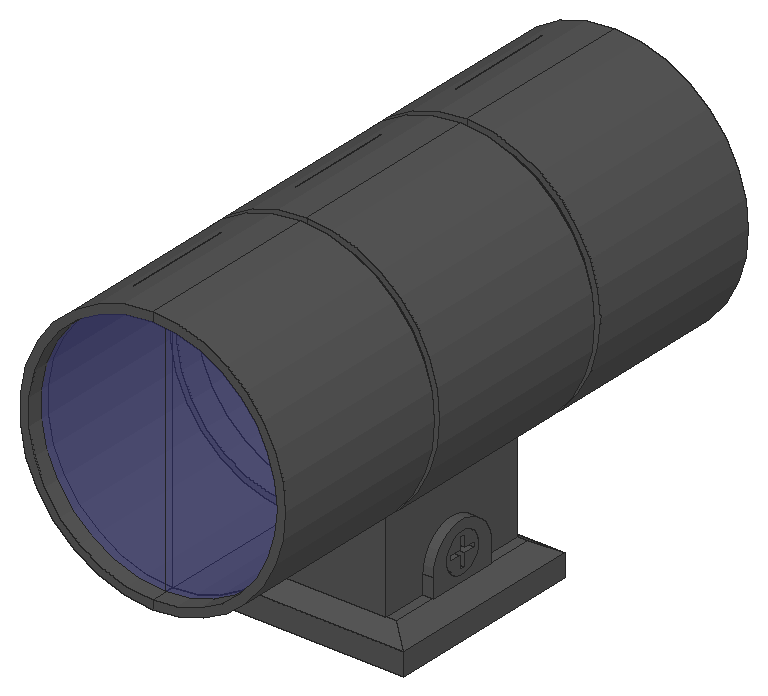
Revit family "CARLO CYLINDER LIGHT WALL MOUNT", category Lighting Fixtures, host Face, Revit 2020 (continued)
Types (10): name | Wattage_Input | Wattage Comments | Wattage | Photometric Web File | built-in parameter 1150142 | Model | built-in parameter 1150105 | Lumens | Light Length 1 | LIGHT RADIUS | LIGHT PLACEMENT | LIGHT LENGTH | LIGHT DIA | built-in parameter 1150106 | FIXED END HEIGHT | Curve base Height | Base Curve | BEAMING ANGLE | Apparent Load
    652 92.379 119.36 144.71 \r\n 171.33 201.18 232.17 262.85 293.2 322.86 351.35 378.66 403.03 422.7 \r\n 437.71 446.61 452.12 456.22 459.71 464.65 469.32 472.29 474.81 477.73 \r\n 480.8 484 487.39 491 494.93 499.22 504.07 509.62 516.14 523.88 \r\n 533.12 544.04 557.17 572.86 591.73 614.18 641.12 673.95 711.6 753.57 \r\n 799.45 848.81 901.18 956.26 1013.2 1071.1 1129.7 1188.7 1247.3 1304.8 \r\n 1361.1 1415.7 1469.6 1524.1 1577.9 1629.5 1680.3 1731.4 1781.8 1830.9 \r\n 1879.1 1926.7 1973.8 2021.2 2068 2113.8 2157.6 2197.9 2235.3 2269.9 \r\n 2301.5 2329.8 2354.4 2375.3 2392.3 2405 2414.1 2420.2 2423.7 2424.9 \r\n 2425.1 2426 2426.5 2425.9 2424.8 2423.4 2422.2 2421.7 2421.2 2419.8 \r\n 2421.2 \r\n2410.7 2418 2417.3 2416.7 2416 2414.9 2413.4 2411.1 2408.3 2405.7 \r\n 2402.5 2398.4 2392.1 2381.8 2368 2350.2 2328.8 2303.8 2275.1 2242.5 \r\n 2206.7 2168.3 2127 2081.8 2034.7 1986.7 1938.8 1893 1847.2 1799.7 \r\n 1751.2 1702.1 1652.3 1601.9 1550.5 1497.6 1443.6 1388.9 1332.8 1275 \r\n 1216.1 1156.2 1096.6 1038.8 982.23 926.33 872.65 822.87 776.02 731.14 \r\n 689.9 653.65 622.3 596.69 575.42 557.47 542.55 530.21 519.95 511.08 \r\n 503.65 497.68 492.66 488.08 483.98 480.3 476.87 473.49 470.2 466.99 \r\n 463.78 460.59 457.1 452.8 448.25 444.18 439.6 434.8 426.62 411.15 \r\n 390.94 367.03 339.96 310.13 279 248.42 217.64 186.02 155.1 126.07 \r\n 99.311 75.083 54.996 41.26 32.335 28.306 26.512 23.894 21.728 20.411 \r\n 19.518 18.773 18.125 17.405 16.692 16.015 15.359 14.723 14.101 13.483 \r\n 12.888 12.335 11.817 11.337 10.879 10.426 9.9813 9.5454 9.1135 8.6751 \r\n 8.2477 7.8553 7.4679 7.0493 6.6418 6.2884 5.9512 5.5997 5.2548 4.933 \r\n 4.617 4.2862 3.9657 3.6793 3.4106 3.1504 2.9012 2.662 2.434 2.2154 \r\n 2.0127 1.8332 1.6718 1.5238 1.3956 1.2952 1.2135 1.1397 1.0866 1.0631 \r\n 1.0699 1.1159 1.1855 1.267 1.3578 1.4569 1.5477 1.6117 1.6544 1.6803 \r\n 1.674 1.6078 1.5233 1.4701 1.3973 1.2493 1.0904 0.98149 0.87716 0.74543 \r\n 0.60666 0.46583 0.33715 0.24352 0.16372 0.073701 0.00477 0 0.000073 0 \r\n 0.00054291 0.028481 0.074882 0.14285 0.22313 0.30346 0.39597 0.51236 0.64172 0.77857 \r\n 0.91823 1.0553 1.1864 1.311 1.4156 1.4807 1.5235 1.5613 1.5753 1.547 \r\n 1.4936 1.4286 1.3522 1.2609 1.1799 1.1379 1.1214 1.1257 1.1533 1.2088 \r\n 1.2807 1.3542 1.4437 1.5626 1.6994 1.8438 2.0049 2.1903 2.3936 2.6108 \r\n 2.8419 3.0861 3.3419 3.6072 3.8828 4.1663 4.4644 4.7878 5.1225 5.4523 \r\n 5.795 6.1712 6.5566 6.9236 7.3025 7.7263 8.1588 8.5618 8.9742 9.4339 \r\n 9.9061 10.358 10.822 11.331 11.848 12.327 12.822 13.379 13.966 14.562 \r\n 15.169 15.768 16.404 17.112 17.903 18.835 19.808 20.564 21.644 23.485 \r\n 26.141 29.989 34.496 38.189 44.253 55.308 71.587 95.83 123.14 148.5 \r\n 175 204.81 235.75 266.43 296.67 325.94 353.94 380.79 404.71 423.94 \r\n 438.53 447.03 452.25 456.29 459.81 464.72 469.37 472.38 474.94 477.9 \r\n 480.99 484.21 487.62 491.25 495.2 499.53 504.45 510.09 516.75 524.66 \r\n 534.1 545.22 558.58 574.54 593.77 616.79 644.35 677.74 715.87 758.17 \r\n 804.3 853.93 906.51 961.63 1018.5 1076.5 1135.1 1194.1 1252.8 1310.2 \r\n 1366.4 1421 1475 1529.6 1583.4 1635.1 1686 1737.3 1787.8 1836.8 \r\n 1884.9 1932 1978.6 2025.6 2071.9 2117.4 2160.8 2200.8 2238 2272.4 \r\n 2303.7 2331.6 2355.9 2376.6 2393.3 2405.7 2414.5 2420.2 2423.5 2424.5 \r\n 2424.7 2425.5 2426 2425.4 2424.3 2423 2421.8 2421.4 2421 2419.7 \r\n 2421.2 \r\n2410.7 2418.1 2417.3 2416.7 2416.1 2415 2413.4 2411.2 2408.5 2405.8 \r\n 2402.5 2398.7 2392.7 2382.9 2369.5 2352.2 2331.2 2306.7 2278.4 2246.2 \r\n 2210.7 2172.7 2131.7 2087.1 2040.4 1992.5 1944.4 1898.5 1852.5 1805 \r\n 1756.6 1707.5 1657.7 1607.6 1556.5 1504 1450.2 1395.7 1339.9 1282.5 \r\n 1223.9 1164.1 1104.6 1046.6 989.79 933.71 879.78 829.53 782.17 736.87 \r\n 695.16 658.27 626.22 599.92 578.04 559.69 544.45 531.77 521.2 512.15 \r\n 504.59 498.44 493.27 488.61 484.46 480.73 477.25 473.81 470.47 467.25 \r\n 464.05 460.86 457.4 453.22 448.78 444.67 440.12 435.65 427.92 412.96 \r\n 393.2 369.48 342.6 313.24 282.53 252.02 221.17 189.41 158.47 130.05 \r\n 103.66 78.482 57.142 42.556 33.015 28.746 26.868 24.125 21.861 20.476 \r\n 19.542 18.785 18.142 17.435 16.737 16.063 15.409 14.775 14.158 13.545 \r\n 12.955 12.401 11.88 11.401 10.941 10.482 10.031 9.591 9.1577 8.7219 \r\n 8.297 7.9023 7.5116 7.0917 6.683 6.3267 5.9866 5.6334 5.2881 4.9687 \r\n 4.6549 4.3225 4.0012 3.7205 3.4567 3.1925 2.9381 2.6995 2.473 2.2545 \r\n 2.0512 1.8707 1.7084 1.5605 1.4322 1.3298 1.245 1.168 1.1106 1.0813 \r\n 1.0806 1.1157 1.175 1.2502 1.3385 1.4422 1.5378 1.5969 1.6358 1.6689 \r\n 1.6728 1.6157 1.5387 1.4877 1.4159 1.2713 1.1149 1.0048 0.89785 0.76307 \r\n 0.62239 0.48406 0.35809 0.26363 0.18154 0.088795 0.016131 0 0.00023335 0 \r\n 0.00040927 0.029488 0.076001 0.13827 0.21589 0.30949 0.41424 0.52212 0.64322 0.79455 \r\n 0.94739 1.0717 1.1886 1.3199 1.4328 1.4912 1.526 1.5648 1.5805 1.5477 \r\n 1.4896 1.4234 1.3468 1.2542 1.172 1.1295 1.1126 1.1152 1.1416 1.1988 \r\n 1.2732 1.3486 1.4404 1.5619 1.7019 1.8515 2.0172 2.2034 2.4072 2.6283 \r\n 2.8629 3.1056 3.3601 3.6294 3.9092 4.1922 4.4901 4.8192 5.1591 5.4868 \r\n 5.8272 6.208 6.5984 6.9657 7.3434 7.7657 8.1971 8.6011 9.0149 9.4744 \r\n 9.9474 10.405 10.873 11.378 11.891 12.376 12.878 13.442 14.033 14.634 \r\n 15.246 15.846 16.485 17.212 18.017 18.933 19.893 20.656 21.777 23.729 \r\n 26.509 30.429 35.024 38.816 45.157 57.007 74.051 98.387 125.73 151.64 \r\n 178.67 208.54 239.39 270.04 300.16 329.11 356.68 383.03 406.42 425.18 \r\n 439.35 447.45 452.38 456.4 459.97 464.85 469.48 472.51 475.12 478.09 \r\n 481.2 484.43 487.85 491.48 495.45 499.83 504.83 510.6 517.42 525.52 \r\n 535.17 546.55 560.19 576.44 596.08 619.86 648.21 682.18 720.78 763.51 \r\n 810 859.91 912.67 967.76 1024.6 1082.5 1141.2 1200.3 1258.9 1316.2 \r\n 1372.3 1427.1 1481.3 1535.7 1589.3 1641.1 1692.2 1743.8 1794.5 1843.3 \r\n 1890.8 1937.6 1983.9 2030.4 2076.4 2121.6 2164.8 2204.5 2241.3 2275.5 \r\n 2306.6 2334.1 2357.9 2378 2394.3 2406.2 2414.7 2420.2 2423.3 2424.3 \r\n 2424.4 2425.1 2425.5 2424.8 2423.6 2422.5 2421.4 2421 2420.6 2419.5 \r\n 2421.2 \r\n2410.7 2418.1 2417.3 2416.8 2416.1 2415 2413.4 2411.3 2408.7 2405.9 \r\n 2402.6 2398.9 2393.2 2383.9 2371 2354.1 2333.5 2309.4 2281.6 2249.8 \r\n 2214.6 2176.9 2136.3 2092.4 2046.3 1998.4 1950.2 1904 1857.9 1810.4 \r\n 1762.1 1712.9 1663.1 1613.2 1562.5 1510.1 1456.6 1402.3 1346.8 1289.6 \r\n 1231.4 1171.9 1112.4 1054.3 997.25 941.06 886.94 836.23 788.34 742.69 \r\n 700.59 663.07 630.34 603.33 580.82 562.05 546.49 533.45 522.57 513.34 \r\n 505.64 499.3 493.96 489.23 485.04 481.24 477.7 474.21 470.83 467.6 \r\n 464.39 461.2 457.77 453.71 449.38 445.23 440.67 436.44 429.08 414.59 \r\n 395.27 371.74 345.05 316.18 285.91 255.43 224.51 192.66 161.77 134.02 \r\n 108.04 81.984 59.454 44.052 33.898 29.329 27.3 24.425 22.066 20.596 \r\n 19.603 18.823 18.178 17.479 16.792 16.12 15.465 14.838 14.228 13.622 \r\n 13.037 12.483 11.96 11.48 11.018 10.55 10.09 9.6467 9.2117 8.7779 \r\n 8.3549 7.9566 7.5618 7.1418 6.7327 6.3718 6.0271 5.6725 5.3271 5.0084 \r\n 4.6956 4.3629 4.0422 3.7667 3.507 3.2391 2.9802 2.7416 2.5163 2.2983 \r\n 2.0952 1.9133 1.7497 1.6025 1.4744 1.3697 1.2817 1.2014 1.1396 1.1038 \r\n 1.0947 1.1176 1.1653 1.2337 1.3189 1.4254 1.524 1.579 1.615 1.6546 \r\n 1.6685 1.6234 1.5561 1.5057 1.433 1.2939 1.1422 1.03 0.91893 0.78009 \r\n 0.63707 0.50241 0.38034 0.28438 0.19926 0.10477 0.029299 0.0042482 0.00039324 0 \r\n 0.0002566 0.029547 0.075288 0.13189 0.20716 0.31444 0.43152 0.52978 0.64175 0.80859 \r\n 0.97575 1.0867 1.1886 1.3275 1.4497 1.5025 1.5299 1.5701 1.5879 1.5513 \r\n 1.4891 1.4223 1.3455 1.2514 1.1675 1.1237 1.1053 1.1057 1.1306 1.1885 \r\n 1.2646 1.3421 1.4363 1.5603 1.7035 1.8588 2.0295 2.2165 2.4207 2.6459 \r\n 2.8841 3.1253 3.3784 3.6519 3.9362 4.2184 4.5159 4.851 5.1965 5.5214 \r\n 5.8588 6.2442 6.6397 7.0075 7.384 7.8045 8.2346 8.64 9.0556 9.5144 \r\n 9.9873 10.45 10.922 11.422 11.93 12.421 12.931 13.499 14.095 14.701 \r\n 15.316 15.918 16.561 17.304 18.12 19.016 19.956 20.725 21.878 23.92 \r\n 26.791 30.724 35.345 39.19 45.759 58.359 76.104 100.4 127.68 154.2 \r\n 181.86 211.8 242.54 273.18 303.21 331.88 359.06 384.91 407.8 426.13 \r\n 439.93 447.7 452.41 456.43 460.07 464.92 469.53 472.59 475.24 478.24 \r\n 481.35 484.58 488 491.63 495.62 500.04 505.11 511.01 517.98 526.23 \r\n 536.07 547.68 561.6 578.09 598.1 622.62 651.76 686.21 725.21 768.34 \r\n 815.17 865.33 918.19 973.19 1029.9 1087.9 1146.6 1205.6 1264.2 1321.3 \r\n 1377.4 1432.5 1486.8 1541 1594.3 1646.1 1697.4 1749.5 1800.5 1848.8 \r\n 1895.8 1942.3 1988.4 2034.6 2080.2 2125.3 2168.4 2207.8 2244.2 2278.3 \r\n 2309.2 2336.3 2359.7 2379.2 2394.9 2406.5 2414.8 2420.1 2423 2424.1 \r\n 2424.1 2424.7 2424.9 2424.1 2423 2422 2421.1 2420.6 2420.1 2419.1 \r\n 2421.2 \r\n2410.7 2418.2 2417.3 2416.8 2416.2 2415.1 2413.5 2411.4 2408.9 2406.1 \r\n 2402.8 2399.2 2393.8 2384.9 2372.6 2356 2335.8 2312.2 2284.9 2253.5 \r\n 2218.7 2181.3 2141.2 2098 2052.5 2004.7 1956.4 1910 1863.7 1816.2 \r\n 1767.9 1718.7 1668.9 1619.2 1568.7 1516.5 1463.1 1409 1353.7 1296.9 \r\n 1238.9 1179.7 1120.4 1062.1 1004.9 948.62 894.35 843.19 794.78 748.8 \r\n 706.32 668.21 634.78 607.03 583.84 564.63 548.72 535.29 524.09 514.67 \r\n 506.82 500.28 494.76 489.95 485.72 481.85 478.25 474.7 471.29 468.04 \r\n 464.84 461.65 458.24 454.3 450.09 445.88 441.3 437.23 430.15 416.15 \r\n 397.32 374.02 347.55 319.16 289.32 258.88 227.88 196.01 165.22 138.09 \r\n 112.49 85.68 62.083 45.878 35.073 30.12 27.861 24.843 22.393 20.81 \r\n 19.726 18.906 18.246 17.55 16.871 16.195 15.538 14.917 14.315 13.717 \r\n 13.138 12.583 12.057 11.574 11.108 10.632 10.163 9.7144 9.2771 8.8447 \r\n 8.4227 8.02 7.6207 7.2014 6.7927 6.4261 6.0754 5.7197 5.3745 5.0548 \r\n 4.7414 4.4092 4.0901 3.8184 3.5614 3.2902 3.0271 2.788 2.5631 2.3457 \r\n 2.1427 1.9592 1.7938 1.6469 1.5188 1.4116 1.32 1.2366 1.1704 1.1277 \r\n 1.1095 1.1199 1.1557 1.217 1.2984 1.4058 1.5062 1.5581 1.5926 1.6384 \r\n 1.6619 1.6296 1.5731 1.5228 1.4488 1.3162 1.1703 1.0563 0.94094 0.79713 \r\n 0.65106 0.52093 0.40359 0.30507 0.21594 0.12069 0.043526 0.011286 0.00053238 0 \r\n 0.00011136 0.028999 0.073486 0.12502 0.19839 0.31826 0.44653 0.53545 0.63864 0.82013 \r\n 1.001 1.0998 1.1879 1.334 1.4655 1.5138 1.5351 1.5768 1.5966 1.5569 \r\n 1.4914 1.4242 1.3474 1.2519 1.1662 1.1206 1.1003 1.0986 1.122 1.1799 \r\n 1.2571 1.3365 1.433 1.559 1.7051 1.8655 2.041 2.2286 2.433 2.6621 \r\n 2.9035 3.1433 3.3949 3.6724 3.9608 4.2421 4.5391 4.8799 5.2304 5.5523 \r\n 5.8864 6.2757 6.676 7.0443 7.4198 7.8383 8.267 8.6744 9.0921 9.5499 \r\n 10.022 10.489 10.964 11.459 11.964 12.458 12.974 13.547 14.146 14.756 \r\n 15.376 15.979 16.626 17.381 18.204 19.077 19.996 20.767 21.943 24.051 \r\n 26.98 30.886 35.488 39.342 46.083 59.338 77.684 101.86 129.01 156.1 \r\n 184.36 214.35 245 275.64 305.61 334.05 360.89 386.29 408.72 426.69 \r\n 440.2 447.74 452.32 456.38 460.09 464.91 469.49 472.59 475.28 478.3 \r\n 481.41 484.64 488.05 491.68 495.68 500.13 505.26 511.26 518.35 526.73 \r\n 536.71 548.52 562.65 579.34 599.66 624.85 654.68 689.53 728.83 772.31 \r\n 819.42 869.74 922.66 977.51 1034 1092 1150.7 1209.7 1268.3 1325.2 \r\n 1381.2 1436.6 1491.2 1545.1 1598.1 1650 1701.5 1753.9 1805.2 1853.1 \r\n 1899.6 1945.9 1991.9 2037.8 2083.1 2128.2 2171.2 2210.3 2246.5 2280.5 \r\n 2311.3 2338.1 2361 2380 2395.1 2406.4 2414.5 2419.7 2422.7 2423.7 \r\n 2423.9 2424.3 2424.4 2423.5 2422.5 2421.6 2420.8 2420.2 2419.6 2418.8 \r\n 2421.2 \r\n2410.7 2418.2 2417.3 2416.8 2416.3 2415.2 2413.7 2411.7 2409.3 2406.5 \r\n 2403.2 2399.7 2394.5 2386.1 2374.2 2358.1 2338.3 2315.3 2288.5 2257.5 \r\n 2223.2 2186.3 2146.7 2104.2 2059.3 2011.6 1963.2 1916.6 1870.2 1822.7 \r\n 1774.4 1725.2 1675.5 1625.8 1575.4 1523.3 1470.1 1416.1 1361 1304.5 \r\n 1246.8 1187.8 1128.7 1070.4 1013 956.64 902.21 850.61 801.71 755.39 \r\n 712.53 673.8 639.66 611.13 587.2 567.49 551.17 537.34 525.8 516.17 \r\n 508.15 501.4 495.71 490.81 486.52 482.58 478.91 475.32 471.88 468.62 \r\n 465.43 462.23 458.84 455.04 450.94 446.67 442.05 438.07 431.23 417.77 \r\n 399.52 376.51 350.3 322.39 292.96 262.55 231.51 199.7 169.07 142.41 \r\n 117.06 89.656 65.182 48.163 36.626 31.186 28.601 25.428 22.889 21.153 \r\n 19.936 19.051 18.364 17.662 16.987 16.301 15.636 15.019 14.425 13.833 \r\n 13.258 12.701 12.171 11.684 11.212 10.727 10.25 9.7963 9.3558 8.9237 \r\n 8.5019 8.0943 7.6902 7.2725 6.8649 6.4919 6.1344 5.7778 5.4328 5.1105 \r\n 4.7949 4.4634 4.1458 3.8759 3.6195 3.3453 3.0787 2.8384 2.613 2.3954 \r\n 2.1918 2.0061 1.8384 1.6909 1.5619 1.4518 1.3567 1.2702 1.1998 1.15 \r\n 1.1227 1.1211 1.1455 1.1995 1.2765 1.3831 1.484 1.5345 1.5695 1.6213 \r\n 1.6537 1.6334 1.5872 1.5379 1.4636 1.3372 1.1973 1.0829 0.9644 0.81482 \r\n 0.6647 0.53967 0.42749 0.32504 0.23066 0.13565 0.058065 0.0186 0.00063005 0 \r\n 0 0.028188 0.071338 0.11896 0.19104 0.32091 0.45797 0.53919 0.63523 0.82863 \r\n 1.0208 1.1102 1.1878 1.3398 1.4788 1.5244 1.5417 1.5846 1.6058 1.5637 \r\n 1.4956 1.4283 1.3517 1.2551 1.1678 1.1217 1.0984 1.0952 1.1175 1.175 \r\n 1.2526 1.3335 1.432 1.5594 1.7073 1.8719 2.0511 2.2389 2.4432 2.6751 \r\n 2.919 3.1574 3.4078 3.6883 3.9799 4.2604 4.5569 4.9023 5.2568 5.5757 \r\n 5.9065 6.2986 6.7024 7.0713 7.4463 7.863 8.2905 8.7001 9.1202 9.5772 \r\n 10.049 10.517 10.994 11.486 11.987 12.485 13.005 13.579 14.181 14.795 \r\n 15.419 16.024 16.673 17.436 18.26 19.111 20.009 20.78 21.97 24.118 \r\n 27.072 30.927 35.479 39.304 46.151 59.92 78.731 102.76 129.74 157.26 \r\n 185.98 215.99 246.55 277.23 307.18 335.44 362 387.02 409.07 426.78 \r\n 440.09 447.54 452.1 456.21 459.99 464.79 469.34 472.48 475.22 478.24 \r\n 481.36 484.58 487.99 491.61 495.61 500.08 505.25 511.3 518.47 526.93 \r\n 537.02 548.95 563.24 580.04 600.58 626.31 656.7 691.82 731.31 775.04 \r\n 822.35 872.74 925.63 980.29 1036.6 1094.5 1153.2 1212.2 1270.7 1327.5 \r\n 1383.5 1439.1 1493.9 1547.6 1600.4 1652.3 1704 1756.7 1808.1 1855.7 \r\n 1901.8 1948 1993.8 2039.6 2084.8 2129.9 2173 2211.9 2247.9 2281.8 \r\n 2312.5 2339.1 2361.7 2380.2 2394.9 2406 2414 2419.2 2422.1 2423.3 \r\n 2423.6 2423.9 2423.8 2423 2422 2421.2 2420.5 2419.9 2419.2 2418.6 \r\n 2421.2 \r\n2410.7 2418.1 2417.2 2416.7 2416.3 2415.5 2414.2 2412.3 2410 2407.2 \r\n 2404 2400.7 2395.8 2387.9 2376.7 2361.3 2342.2 2319.6 2293.4 2263.3 \r\n 2229.9 2193.8 2154.9 2113 2068.5 2020.9 1972.5 1926.1 1879.6 1832 \r\n 1783.7 1734.7 1685.1 1635.2 1584.4 1532.4 1479.4 1425.5 1370.5 1314.1 \r\n 1256.7 1198 1139.1 1080.8 1023.3 966.67 911.82 859.9 810.62 763.78 \r\n 720.29 680.81 645.83 616.34 591.48 571.05 554.14 539.89 528.02 518.07 \r\n 509.78 502.82 496.96 491.95 487.57 483.55 479.82 476.23 472.79 469.53 \r\n 466.32 463.11 459.76 456.14 452.21 447.86 443.14 439.22 432.7 420.17 \r\n 402.92 380.52 354.73 327.15 297.94 267.65 236.73 205.26 174.85 147.86 \r\n 122.09 94.674 70.014 51.981 39.303 33.145 30.073 26.715 24.058 21.981 \r\n 20.433 19.4 18.645 17.917 17.236 16.515 15.817 15.188 14.59 13.998 \r\n 13.42 12.851 12.306 11.806 11.325 10.838 10.361 9.9007 9.4538 9.0191 \r\n 8.5955 8.1837 7.777 7.3633 6.9592 6.5812 6.2177 5.8605 5.5151 5.1881 \r\n 4.8672 4.5334 4.2134 3.9379 3.676 3.3992 3.1307 2.888 2.6593 2.4358 \r\n 2.2262 2.0371 1.8661 1.7127 1.5779 1.4644 1.3667 1.279 1.2062 1.1494 \r\n 1.1142 1.107 1.1261 1.1732 1.2446 1.3489 1.4505 1.5055 1.5472 1.6072 \r\n 1.6464 1.6256 1.5797 1.5416 1.4781 1.35 1.208 1.1044 0.99454 0.83482 \r\n 0.67401 0.55655 0.45179 0.33866 0.23279 0.14126 0.068546 0.024008 0 0 \r\n 0.00012102 0.029609 0.0742 0.12293 0.19515 0.32236 0.45725 0.54111 0.63966 0.82965 \r\n 1.0192 1.1148 1.1985 1.3481 1.4839 1.5327 1.5533 1.5944 1.6126 1.5682 \r\n 1.4985 1.4314 1.3553 1.2591 1.1726 1.1274 1.1082 1.1083 1.1333 1.1912 \r\n 1.2684 1.3499 1.4483 1.5737 1.719 1.8814 2.0587 2.2449 2.4476 2.6774 \r\n 2.9196 3.1572 3.4068 3.6849 3.9744 4.2554 4.5524 4.8961 5.2482 5.5657 \r\n 5.8949 6.2832 6.684 7.054 7.4309 7.8478 8.2757 8.6882 9.1114 9.5701 \r\n 10.042 10.506 10.979 11.475 11.979 12.473 12.989 13.562 14.164 14.784 \r\n 15.414 16.02 16.664 17.413 18.221 19.063 19.954 20.72 21.906 24.045 \r\n 26.997 30.882 35.453 39.223 46.037 59.907 78.852 103.04 130.04 157.13 \r\n 185.37 215.16 245.66 276.52 306.66 334.83 361.22 386.03 407.91 425.58 \r\n 438.99 446.69 451.52 455.75 459.57 464.37 468.91 472.06 474.82 477.86 \r\n 480.98 484.2 487.59 491.21 495.2 499.65 504.78 510.75 517.85 526.28 \r\n 536.33 548.16 562.34 579.05 599.55 625.33 655.77 690.88 730.33 774.01 \r\n 821.22 871.44 92
